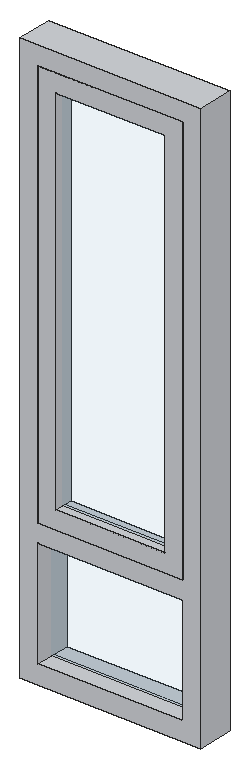
Revit family "W7_鋁窗1", category 窗, Revit 2014
Parameters (values of type "60 x 190 cm")
  熱阻 (R) = 0.271106 (m²·K)/W
  Visual Light Transmittance = 0.9
  Solar Heat Gain Coefficient = 0.78
  營造類型 Id = "GSP4R"
  Height = 1900 mm
  傳熱係數 (U) = 3.6886 W/(m²·K)
  預設窗台高度 = 450 mm
  關鍵註記 = "固定窗-矩形"
  Rough Height = Height  # 1900 mm
  Rough Width = Width  # 600 mm
  玻璃材質 = 玻璃
  牆封閉 = 依主體
  Width = 600 mm
  裝飾外框材料 = none
  裝飾外框寬度 = 60 mm
  裝飾外框厚度 = 60 mm
  解析營造 = "1/8 英吋 Pilkington 單層鑲嵌玻璃"
Reference planes
  plane 1: y = 0
  plane 2 "中心 (左/右)": x = 0
  plane 3 "左": x = -300
  plane 4 "右": x = 300
  plane 5 "窗台": z = 450
  plane 6 "標頭": z = 2350
  plane 7 "外部": y = 75
  plane 8 "內部": y = -75
  plane 9: z = 1900
  plane 10: z = 900
Forms (mm)
  Extrusion 1, solid, material <- "裝飾外框材料"
    sketch origin (-5000, 0, 0) x (1, 0, 0) y (0, 0, 1)
      loop
        line (5300, 2350) -> (4700, 2350) -> (4700, 450) -> (5300, 450) -> (5300, 2350)
      loop
        line (5240, 2290) -> (4760, 2290) -> (4760, 930) -> (5240, 930) -> (5240, 2290)
      loop
        line (4760, 510) -> (5240, 510) -> (5240, 870) -> (4760, 870) -> (4760, 510)
    from -60 to 60
  Extrusion 2, solid, material "玻璃" <- "玻璃材質"
    sketch origin (-5000, 0, 0) x (1, 0, 0) y (0, 0, 1)
      loop
        line (5240, 870) -> (4760, 870) -> (4760, 510) -> (5240, 510) -> (5240, 870)
    from -5 to 5
Lines and regions (mm)
  Opening 1
    outline origin (3500, -75, 0) x (1, 0, 0) y (0, 0, 1)
      loop
        line (-3200, 450) -> (-3200, 2350) -> (-3800, 2350) -> (-3800, 450) -> (-3200, 450)
  symbolic lines, style "立面圖打開方向"
    curve 1: line (-240, 0, 2290) -> (240, 0, 1610)
    curve 2: line (240, 0, 1610) -> (-240, 0, 930)
Text (mm)
  text "外部" at (-1963.203, 1332.353, 0), in view "參考樓層"
  text "內部" at (-1981.466, -818.386, 0), in view "參考樓層"
  text "外部" at (0, 923.751, 2943.296), in view "右"
  text "外部" at (0, 1040.484, 2685.409), in view "左"
Dimensions and locks
  equal spacing: plane 3 "左", plane 2 "中心 (左/右)", plane 4 "右"
  "Width": plane 3 "左" to plane 4 "右"
  "Height": plane 5 "窗台" to plane 6 "標頭"
  "預設窗台高度": plane 5 "窗台" to level
  locked: plane 7 "外部" to host wall at 0
  locked: plane 8 "內部" to host wall
  locked: plane 9 to plane 6 "標頭" at 450
  locked: plane 5 "窗台" to plane 10 at 450
  aligned and locked: Extrusion 2 to Extrusion 1  (x8)
  aligned and locked: curve 1 to Extrusion 1
  aligned and locked: nested 1 to Extrusion 1  (x3)
Automatic sketch dimensions
  Opening 1 sketch curve to plane 3 "左" = 0 mm
  Opening 1 sketch curve to plane 4 "右" = 0 mm
  Opening 1 sketch curve to plane 5 "窗台" = 0 mm
  Opening 1 sketch curve to plane 6 "標頭" = 0 mm
  plane 3 "左" to Extrusion 1 sketch curve = 0 mm
  plane 4 "右" to Extrusion 1 sketch curve = 0 mm
  Extrusion 1 sketch curve to plane 5 "窗台" = 0 mm
  Extrusion 1 sketch curve to plane 6 "標頭" = 0 mm
  Extrusion 1 sketch curve to plane 3 "左" = 60 mm  (x2)
  plane 4 "右" to Extrusion 1 sketch curve = 60 mm  (x2)
  Extrusion 1 sketch curve to plane 5 "窗台" = 60 mm
  plane 6 "標頭" to Extrusion 1 sketch curve = 60 mm
  plane 10 to Extrusion 1 sketch curve = 30 mm
  Extrusion 1 sketch curve to plane 10 = 30 mm
  Extrusion 2 sketch curve to plane 3 "左" = 60 mm
  Extrusion 2 sketch curve to plane 5 "窗台" = 60 mm
  plane 4 "右" to Extrusion 2 sketch curve = 60 mm
  Extrusion 2 sketch curve to plane 10 = 30 mm
  curve 2 to plane 3 "左" = 60 mm
  plane 4 "右" to curve 2 = 60 mm
  plane 10 to curve 2 = 30 mm
  curve 2 to plane 9 = 290 mm
  plane 6 "標頭" to curve 1 = 60 mm
Nested families
  nested 1: "窗框" at (-267.428, 919.367, -70), type "窗框"
    with Height 1360 mm, Width 480 mm
Definition of nested family "窗框"
  Parameters (values of type "窗框")
    Height [instance] = 500 mm
    護桿寬度 = 20 mm
    護桿厚度 = 10 mm
    Rough Height = 500 mm
    Rough Width = 600 mm
    Width [instance] = 600 mm
    裝飾外框材料 = none
    玻璃材質 = none
    玻璃厚度 = 10 mm
    裝飾外框寬度 = 60 mm
    裝飾外框厚度 = 60 mm
    Assembly Code = ""
  Reference planes
    plane 1 "中心 (前/後)": y = -919.367
    plane 2: z = 0
    plane 3 "中心 (左/右)": x = 267.428
    plane 4 "玻璃-上": y = -944.367
    plane 5 "玻璃-下": y = -954.367
    plane 6: y = -979.367
    plane 7: x = -32.572
    plane 8: x = 567.428
    plane 9: x = 27.428
    plane 10: x = 507.428
    plane 11: z = 1440
    plane 12: z = 1500
    plane 13: z = 1060
    plane 14: z = 1000
    plane 15: y = -949.367
  Forms (mm)
    Extrusion 1, solid, material <- "玻璃材質"
      sketch origin (-1499.274, -949.367, 1200) x (-1, 0, 0) y (0, 0, 1)
        loop
          line (-1526.702, 240) -> (-2006.702, 240) -> (-2006.702, -140) -> (-1526.702, -140) -> (-1526.702, 240)
      from -5 to 5
    Extrusion 2, solid, material <- "裝飾外框材料"
      sketch origin (-1499.274, -949.367, 1200) x (-1, 0, 0) y (0, 0, 1)
        loop
          line (-1466.702, 300) -> (-2066.702, 300) -> (-2066.702, -200) -> (-1466.702, -200) -> (-1466.702, 300)
        loop
          line (-1526.702, 240) -> (-2006.702, 240) -> (-2006.702, -140) -> (-1526.702, -140) -> (-1526.702, 240)
      from -30 to 30
  Dimensions and locks
    equal spacing: plane 10, plane 3 "中心 (左/右)", plane 9
    "裝飾外框寬度": plane 8 to plane 10
    "裝飾外框寬度": plane 9 to plane 7
    "裝飾外框寬度": plane 12 to plane 11
    "Width": plane 8 to plane 7
    "裝飾外框寬度": plane 13 to plane 14
    "Height": plane 12 to plane 14
    plane 14 to level = 1000 mm
    equal spacing: plane 4 "玻璃-上", plane 15, plane 5 "玻璃-下"
    "玻璃厚度": plane 4 "玻璃-上" to plane 5 "玻璃-下"
    equal spacing: plane 6, plane 15, plane 1 "中心 (前/後)"
    "裝飾外框厚度": plane 6 to plane 1 "中心 (前/後)"
    aligned and locked: Extrusion 1 sketch curve to plane 11
    aligned and locked: plane 9 to Extrusion 1 sketch curve
    aligned and locked: Extrusion 1 sketch curve to plane 10
    aligned and locked: plane 13 to Extrusion 1 sketch curve
    aligned and locked: plane 7 to Extrusion 2 sketch curve
    aligned and locked: Extrusion 2 sketch curve to plane 12
    aligned and locked: Extrusion 2 sketch curve to plane 8
    aligned and locked: plane 9 to Extrusion 2 sketch curve
    aligned and locked: plane 13 to Extrusion 2 sketch curve
    aligned and locked: Extrusion 2 sketch curve to plane 10
    aligned and locked: Extrusion 2 sketch curve to plane 11
    aligned and locked: Extrusion 2 sketch curve to plane 14
    aligned and locked: plane 2 to level
    aligned and locked: plane 6 to Extrusion 2
    aligned and locked: plane 1 "中心 (前/後)" to Extrusion 2
    aligned and locked: plane 5 "玻璃-下" to Extrusion 1
    aligned and locked: plane 4 "玻璃-上" to Extrusion 1
